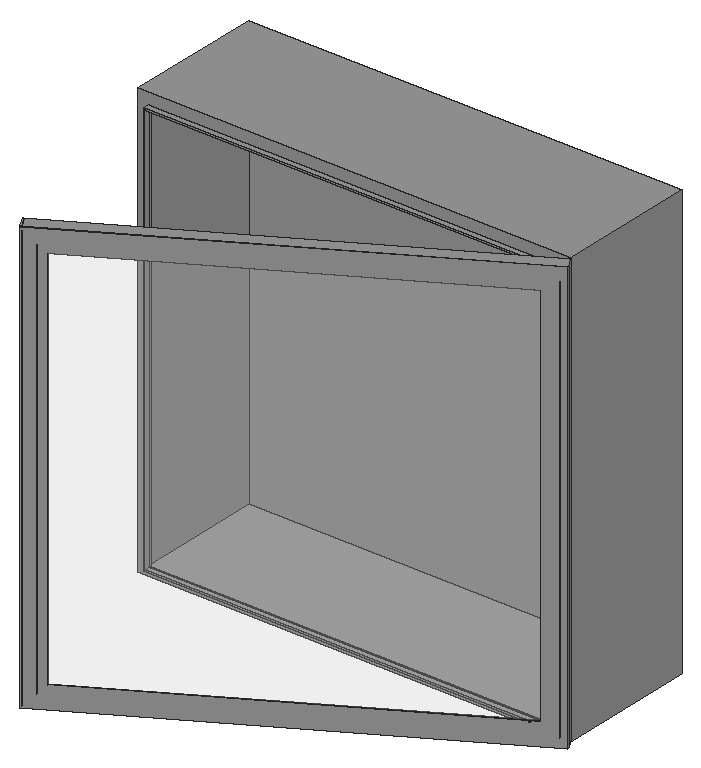
Revit family "Hager-Orion_Inox-IP66-D210-Cl.I-Inox_encl-630A-600mm-NoHosted-CH-de", category Electrical Equipment, Revit 2020
Family settings
  Panel Configuration = Two Columns, Circuits Across
  Round Connector Dimension = Use Diameter
  Part Type = Panelboard
  Work Plane-Based = Yes
  Always vertical = Yes
  Cut with Voids When Loaded = No
  Shared = No
  Room Calculation Point = No
Parameters (values of type "Aufputz IP66 B600 H600 T210  - FL028TWL")
  Width Control [instance] = if([EF000008 - Breite] > Min Width, [EF000008 - Breite], Min Width)  # 600 mm
  Type Comments = [HG000003 - Bereich]  # "Orion Inox"
  Thickness Door [instance] = if([EF009171 - Materialstärke Tür/Deckel] > 3 mm, 3 mm, [EF009171 - Materialstärke Tür/Deckel])  # 1.5 mm
  Seal Frame Offset [instance] = 17 mm  # constant formula
  Min Width [instance] = 100 mm  # constant formula
  Min Depth [instance] = (2 * [EF009170 - Materialstärke Gehäuse]) + 1 mm  # 4 mm
  Min Height [instance] = 100 mm  # constant formula
  Internal Frame Depth [instance] = -(Door System Depth * 0.5)  # -9 mm
  Panel Name [instance] = ""  # (empty or 0)
  Model = ""
  HG000027 - Sockelhöhe = 0 mm
  HG000026 - Stehend auf dem Boden = no
  HG000024 - Höhe des unteren Teils = 600 mm
  HG000023 - Gehäuse mit doppeltem Querschnitt = no
  HG000016 - 3D-Türsichtbarkeit [instance] = yes
  HG000015 - Sichtbarkeit der Türöffnung [instance] = no
  HG000014 - Tür rechts [instance] = yes
  HG000013 - Tür links [instance] = not([HG000014 - Tür rechts])  # no
  HG000012 - Türschwenkwinkel [instance] = 30.00°
  HG000010 - Asymmetrische Türen = no
  HG000009 - Doppelflügeligen Tür = no
  HG000006 - Unterputz = no
  HG000004 - Herstellerreferenz = "FL028TWL"
  HG000003 - Bereich = "Orion Inox"
  HG000002 - Mit tür = yes
  Frame Offset Bottom [instance] = 10 mm  # constant formula
  Frame Offset [instance] = 15 mm  # constant formula
  EF015940 - Deckel mit Überdruckentlastung = no
  EF011959 - Schutzart (NEMA) = ""
  EF009554 - Anzahl der Öffnungen für Flanschplatten = 0
  EF009212 - Ausführung Deckel = "EV000116 - geschlossen"
  EF009171 - Materialstärke Tür/Deckel = 1.5 mm
  EF009170 - Materialstärke Gehäuse = 1.5 mm
  EF008873 - Nennstrom (In) = 630 A
  EF007800 - Geeignet für Blitzschutz = no
  EF006306 - Mit Schloss = yes
  EF006244 - Transparenter Deckel/Tür = yes
  EF005474 - Schutzart (IP) = "EV006422 - IP66"
  EF004464 - Art der Tür = "EV002646 - Einzel"
  EF004427 - Anzahl der Module = 0
  EF004293 - Schlagfestigkeit = "EV006814 - IK08"
  EF003532 - Geeignet für Außengebrauch = yes
  EF002950 - Breite in Teilungseinheiten = 0
  EF001613 - Funktionserhalt = "EV000494 - ohne"
  EF001596 - Werkstoff des Gehäuses = "EV000166 - rostfreier Stahl"
  EF001131 - Innentiefe = 176 mm
  EF001088 - Anbaumöglichkeit = yes
  EF000437 - Anzahl der Leitungseinführungen = 0
  EF000339 - Art der Abdeckung = "EV004216 - Tür"
  EF000266 - Anzahl der Reihen = 0
  EF000218 - Einbautiefe = 0 mm
  EF000118 - Mit Montageplatte = no
  EF000116 - RAL-Nummer = ""
  EF000049 - Tiefe = 210 mm
  EF000040 - Höhe = 600 mm
  EF000008 - Breite = 600 mm
  EF000007 - Farbe = "EV000154 - sonstige"
  EF000003 - Montageart = "EV000384 - Aufputz"
  Door System Leaf Tolerance [instance] = 1.5 mm  # constant formula
  Door System Depth [instance] = 18 mm  # constant formula
  Description = ""
  Default Elevation = 1219.2 mm
  Connector Offset [instance] = Height Control / 2  # 300 mm
  Manufacturer = "Hager"  # constant formula
  Height Control [instance] = if([EF000040 - Höhe] > Min Height, [EF000040 - Höhe], Min Height)  # 600 mm
  Depth Control [instance] = if([EF000049 - Tiefe] > Min Depth, [EF000049 - Tiefe], Min Depth)  # 210 mm
Types (12, lengths in mm): name | Width Control | HG000004 - Herstellerreferenz | EF009212 - Ausführung Deckel | EF006306 - Mit Schloss | EF006244 - Transparenter Deckel/Tür | EF004293 - Schlagfestigkeit | EF001613 - Funktionserhalt | EF000008 - Breite
  Aufputz IP66 B400 H600 T210  - FL025BWL | 400 | "FL025BWL" | "EV009916 - mit Ausschnitt" | no | no | "EV008784 - IK10" | "" | 400
  Aufputz IP66 B400 H600 T210  - FL025TW | 400 | "FL025TW" | "EV000116 - geschlossen" | yes | yes | "EV006814 - IK08" | "EV000494 - ohne" | 400
  Aufputz IP66 B400 H600 T210  - FL025TWL | 400 | "FL025TWL" | "EV000116 - geschlossen" | yes | yes | "EV006814 - IK08" | "EV000494 - ohne" | 400
  Aufputz IP66 B500 H600 T210  - FL027BW | 500 | "FL027BW" | "EV000116 - geschlossen" | yes | no | "EV008784 - IK10" | "EV000494 - ohne" | 500
  Aufputz IP66 B500 H600 T210  - FL027BWL | 500 | "FL027BWL" | "EV000116 - geschlossen" | yes | no | "EV008784 - IK10" | "EV000494 - ohne" | 500
  Aufputz IP66 B500 H600 T210  - FL027TW | 500 | "FL027TW" | "EV000116 - geschlossen" | yes | yes | "EV006814 - IK08" | "EV000494 - ohne" | 500
  Aufputz IP66 B500 H600 T210  - FL027TWL | 500 | "FL027TWL" | "EV000116 - geschlossen" | yes | yes | "EV006814 - IK08" | "EV000494 - ohne" | 500
  Aufputz IP66 B600 H600 T210  - FL025BW | 600 | "FL025BW" | "EV009916 - mit Ausschnitt" | no | no | "EV008784 - IK10" | "" | 600
  Aufputz IP66 B600 H600 T210  - FL028BW | 600 | "FL028BW" | "EV000116 - geschlossen" | yes | no | "EV008784 - IK10" | "EV000494 - ohne" | 600
  Aufputz IP66 B600 H600 T210  - FL028BWL | 600 | "FL028BWL" | "EV000116 - geschlossen" | yes | no | "EV008784 - IK10" | "EV000494 - ohne" | 600
  Aufputz IP66 B600 H600 T210  - FL028TW | 600 | "FL028TW" | "EV000116 - geschlossen" | yes | yes | "EV006814 - IK08" | "EV000494 - ohne" | 600
  Aufputz IP66 B600 H600 T210  - FL028TWL | 600 | "FL028TWL" | "EV000116 - geschlossen" | yes | yes | "EV006814 - IK08" | "EV000494 - ohne" | 600
Reference planes
  plane 1 "Center (Front/Back)": y = 0
  plane 2: z = 0
  plane 3 "Center (Left/Right)": x = 0
  plane 4: y = 0
  plane 5: y = 0
  plane 6: z = 0
  plane 7: x = -300
  plane 8: x = 300
  plane 9: x = 298.5
  plane 10: x = -298.5
  plane 11: z = 0
  plane 12: z = 1.5
  plane 13: y = -210
  plane 14: y = -1.5
  plane 15: x = 0
  plane 16: y = -192
  plane 17: y = -208.5
  plane 18: y = -190.5
  plane 19: x = -283.5
  plane 20: x = 283.5
  plane 21: z = 11.5
  plane 22: x = -283
  plane 23: x = 283
  plane 24: z = 0
  plane 25: z = 600
  plane 26: z = 600
  plane 27: z = 583.5
  plane 28: z = 598.5
Forms (mm)
  Extrusion 1, solid, material "Hager_Stainless_Steel", detail levels medium+fine
    sketch origin (-208.679, -4572, 0) x (-1, 0, 0) y (0, -1, 0)
      loop
        line (91.321, -4380) -> (-508.679, -4380) -> (-508.679, -4572) -> (91.321, -4572) -> (91.321, -4380)
    from 0 to 600
  Extrusion 2, void
    sketch origin (-350.771, -210, 1219.2) x (1, 0, 0) y (0, 0, 1)
      loop
        line (52.271, -620.7) -> (52.271, -1217.7) -> (649.271, -1217.7) -> (649.271, -620.7) -> (52.271, -620.7)
    from -19.5 to -208.5
  Extrusion 3, void
    sketch origin (-290.084, -192, 1219.2) x (1, 0, 0) y (0, 0, 1)
      loop
        line (6.584, -1207.7) -> (573.584, -1207.7) -> (573.584, -635.7) -> (6.584, -635.7) -> (6.584, -1207.7)
    from 0 to -1.5
  Extrusion 4, solid, material "Hager_Stainless_Steel", detail levels fine
    sketch origin (-290.084, -192, 1219.2) x (-1, 0, 0) y (0, 0, 1)
      loop
        line (-573.584, -1207.7) -> (-6.584, -1207.7) -> (-6.584, -635.7) -> (-573.584, -635.7) -> (-573.584, -1207.7)
      loop
        line (-575.084, -1209.2) -> (-5.084, -1209.2) -> (-5.084, -634.2) -> (-575.084, -634.2) -> (-575.084, -1209.2)
    from 0 to -9 <- "Internal Frame Depth"
  Extrusion 5, solid, material "Hager_Stainless_Steel", detail levels coarse
    sketch origin (0, 0, 0) x (1, 0, 0) y (0, 1, 0)
      loop
        line (-300, 0) -> (-300, -210) -> (300, -210) -> (300, 0) -> (-300, 0)
    from 0 to 600 <- "Height Control"
Cuts and joins
  Extrusion 2, Extrusion 3 cuts Extrusion 1
Lines and regions (mm)
  Masking region 1
    outline origin (0, 0, 0) x (1, 0, 0) y (0, 1, 0)
      loop
        line (-300, 0) -> (-300, -210) -> (300, -210) -> (300, 0) -> (-300, 0)
  Masking region 2
    outline origin (-290.084, -192, 1219.2) x (-1, 0, 0) y (0, 0, 1)
      loop
        line (-590.084, -1219.2) -> (9.916, -1219.2) -> (9.916, -619.2) -> (-590.084, -619.2) -> (-590.084, -1219.2)
  Masking region 3, detail levels coarse
    outline origin (0, 0, 0) x (0, 1, 0) y (0, 0, 1)
      loop
        line (0, 0) -> (0, 600) -> (-210, 600) -> (-210, 0) -> (0, 0)
  Masking region 4, detail levels medium+fine
    outline origin (0, 0, 594.038) x (0, 1, 0) y (0, 0, 1)
      loop
        line (0, -594.038) -> (0, 5.962) -> (-192, 5.962) -> (-192, -594.038) -> (0, -594.038)
Dimensions and locks
  locked: plane 1 "Center (Front/Back)" to plane 5
  "EF009170 - Materialstärke Gehäuse": plane 7 to plane 10
  "EF009170 - Materialstärke Gehäuse": plane 8 to plane 9
  equal spacing: plane 7, plane 3 "Center (Left/Right)", plane 8
  "Width Control": plane 7 to plane 8
  "Depth Control": plane 4 to plane 13
  "EF009170 - Materialstärke Gehäuse": plane 4 to plane 14
  "Height Control": plane 25 to level
  "EF009170 - Materialstärke Gehäuse": plane 12 to plane 11
  "EF009170 - Materialstärke Gehäuse": plane 17 to plane 13
  "EF009170 - Materialstärke Gehäuse": plane 18 to plane 16
  "Frame Offset Bottom": plane 21 to plane 12
  "Frame Offset": plane 10 to plane 19
  "Frame Offset": plane 9 to plane 20
  "Door System Depth": plane 16 to plane 13
  "Seal Frame Offset": plane 7 to plane 22
  "Seal Frame Offset": plane 8 to plane 23
  "EF009170 - Materialstärke Gehäuse": plane 26 to plane 28
  "Frame Offset": plane 28 to plane 27
  "Connector Offset": plane 2 to connector elem
  "Thickness Door": cut or joined group of Extrusion 1, Extrusion 2, Extrusion 3 to Extrusion 4 sketch curve
  "Thickness Door": Extrusion 4 sketch curve to plane 19
  "Thickness Door": Extrusion 4 sketch curve to plane 20
  "Thickness Door": Extrusion 4 sketch curve to plane 27
  aligned and locked: Extrusion 2 sketch curve to plane 12
  aligned and locked: Extrusion 2 sketch curve to plane 9
  aligned and locked: Extrusion 2 sketch curve to plane 10
  aligned and locked: plane 14 to Extrusion 2
  aligned and locked: plane 4 to Extrusion 1 sketch curve
  aligned and locked: plane 8 to Extrusion 1 sketch curve
  aligned and locked: plane 7 to Extrusion 1 sketch curve
  aligned and locked: Extrusion 2 to plane 18
  aligned and locked: Extrusion 3 sketch curve to plane 19
  aligned and locked: plane 20 to Extrusion 3 sketch curve
  aligned and locked: Extrusion 3 to Extrusion 2
  aligned and locked: Extrusion 3 sketch curve to plane 21
  aligned and locked: plane 3 "Center (Left/Right)" to nested 1
  aligned and locked: Extrusion 1 sketch curve to plane 16
  aligned and locked: Masking region 1 sketch curve to plane 7
  aligned and locked: Masking region 1 sketch curve to plane 5
  aligned and locked: Masking region 1 sketch curve to plane 8
  aligned and locked: Masking region 2 sketch curve to level
  aligned and locked: level to Masking region 3 sketch curve
  aligned and locked: plane 1 "Center (Front/Back)" to Masking region 3 sketch curve
  aligned and locked: plane 13 to Masking region 3 sketch curve
  aligned and locked: Masking region 2 sketch curve to plane 8
  aligned and locked: Masking region 2 sketch curve to plane 7
  aligned and locked: plane 7 to nested 2
  aligned and locked: nested 2 to plane 5
  aligned and locked: plane 5 to Masking region 4 sketch curve
  aligned and locked: plane 26 to Masking region 4 sketch curve
  aligned and locked: Extrusion 5 sketch curve to plane 8
  aligned and locked: Extrusion 5 sketch curve to plane 7
  aligned and locked: Extrusion 5 sketch curve to plane 5
  aligned and locked: Extrusion 3 sketch curve to plane 27
  aligned and locked: Extrusion 2 sketch curve to plane 28
  aligned and locked: Extrusion 4 sketch curve to plane 27
  aligned and locked: Extrusion 4 sketch curve to plane 20
  aligned and locked: Extrusion 4 sketch curve to plane 21
  aligned and locked: Extrusion 4 sketch curve to plane 19
  aligned and locked: Masking region 2 to plane 25
  aligned and locked: Masking region 4 sketch curve to plane 24
  aligned and locked: Masking region 1 to plane 13
  aligned and locked: nested 1 to plane 16
  aligned and locked: Masking region 3 to plane 25
  aligned and locked: Masking region 4 sketch curve to plane 16
  aligned and locked: plane 24 to plane 11
  aligned and locked: plane 26 to plane 25
  aligned and locked: level to plane 24
  aligned and locked: Extrusion 1 to Masking region 3
  aligned and locked: level to nested 1
Automatic sketch dimensions
  Extrusion 5 sketch curve to plane 13 = 0 mm
  plane 27 to Masking region 2 sketch curve = 16.5 mm
  plane 27 to Masking region 3 sketch curve = 16.5 mm
  Masking region 1 sketch curve to plane 13 = 0 mm
  Extrusion 3 sketch curve to plane 21 = 0 mm
  plane 19 to Extrusion 3 sketch curve = 0 mm
  Extrusion 3 sketch curve to plane 20 = 0 mm
Nested families
  nested 1: "EC000058_OrionInox_Door" at (0, -192, 0), Double <- "HG000009 - Doppelflügeligen Tür", Transparent <- "EF006244 - Transparenter Deckel/Tür", Angle <- "HG000012 - Türschwenkwinkel", Door_Right <- "HG000014 - Tür rechts", Assymetrical <- "HG000010 - Asymmetrische Türen", Door <- "HG000002 - Mit tür", Width_Ctrl <- "Width Control", 3d_Door <- "HG000016 - 3D-Türsichtbarkeit", Clearance <- "HG000015 - Sichtbarkeit der Türöffnung", Door_Left <- "HG000013 - Tür links", Width <- "Width Control", Door_Depth <- "Door System Depth", Leaf_Tolerance <- "Door System Leaf Tolerance", Height <- "Height Control", Thickness <- "Thickness Door", type "EC000058_OrionInox_Door", detail levels medium+fine
    with min_wh 4 mm, Width_Ctrl 600 mm, Width 600 mm, Transparent yes, Thickness 1.5 mm, Seal_Material Hager_Rubber, Leaf_Width 600 mm, Leaf_Tolerance_External_Sides 0 mm, Leaf_Tolerance 1.5 mm, Leaf_Offset 0 mm, Leaf_Height 597 mm, Leaf_2_Width 600 mm, Leaf_2_Offset 300 mm, Leaf_1_Width 600 mm, Leaf_1_Offset 300 mm, Height_Ctrl 600 mm, Height 600 mm, Glass_Material Hager_Glass, Double_Clearance_Ctrl no, Double no, Door_Right_Ctrl yes, Door_Right yes, Door_Material Hager_Stainless_Steel, Door_Left_Ctrl no, Door_Left no, Door_Depth 18 mm, Door yes, Clearance_Material Hager_Clearance, Clearance_Depth 600 mm, Clearance_Ctrl no, Clearance no, Assymetrical no, Angle 30.00°, 3d_Door yes
  nested 2: "Hager_Enclosure_Symbol" at (-300, 0, 0), Height <- "Depth Control", Width <- "Width Control", type "Hager_Enclosure_Symbol"
    with Width_Ctrl 600 mm, Width 600 mm, Height_Ctrl 210 mm, Height 210 mm, A_Width_Int 13.781 mm, A_Width 165.375 mm, A_Height_Ctrl 183.75 mm, A_Height 183.75 mm
Connectors
  electrical at (0, 0, 300)
    settings: on plane 1 "Center (Front/Back)", index 1, voltage 0 V, apparent load 0 VA, apparent load phase1 0 VA, apparent load phase2 0 VA, apparent load phase3 0 VA, power factor 1, load classification "Other", number of poles 1, system type 30, power factor state 1, is connector primary yes, connector utility no, sub classification motor no, connector description ""
Definition of nested family "EC000058_OrionInox_Door"
  Parameters (values of type "EC000058_OrionInox_Door")
    min_wh [instance] = (2 * Thickness) + 1 mm  # 11 mm
    Width_Ctrl [instance] = 400 mm
    Width [instance] = 500 mm
    Transparent [instance] = yes
    Thickness [instance] = 5 mm
    Seal_Material [instance] = none
    Leaf_Width [instance] = if((Width_Ctrl - 2 * Leaf_Tolerance_External_Sides) > 0 mm, (Width_Ctrl - 2 * Leaf_Tolerance_External_Sides), min_wh)  # 400 mm
    Leaf_Tolerance_External_Sides [instance] = 0 mm  # constant formula
    Leaf_Tolerance [instance] = 1.5 mm
    Leaf_Offset [instance] = 0 mm  # constant formula
    Leaf_Height [instance] = if((Height_Ctrl - 2 * Leaf_Tolerance) > 0 mm, (Height_Ctrl - 2 * Leaf_Tolerance), min_wh)  # 497 mm
    Leaf_2_Width [instance] = if(and(and(Double, Assymetrical), Door_Left), (Leaf_Width / 3) - (Leaf_Tolerance / 2), if(and(and(Double, Assymetrical), Door_Right), (Leaf_Width / 3) * 2 - (Leaf_Tolerance / 2), if(and(Double, not(Assymetrical)), (Leaf_Width / 2) - Leaf_Tolerance, Leaf_Width)))  # 400 mm
    Leaf_2_Offset [instance] = if(and(Double, Assymetrical), Leaf_2_Width / 2, if(and(Double, not(Assymetrical)), Leaf_Width / 4, Leaf_Width / 2))  # 200 mm
    Leaf_1_Width [instance] = if(and(and(Double, Assymetrical), Door_Right), (Leaf_Width / 3) - (Leaf_Tolerance / 2), if(and(and(Double, Assymetrical), Door_Left), (Width / 3) * 2 - (Leaf_Tolerance / 2), if(and(Double, not(Assymetrical)), (Leaf_Width / 2) - Leaf_Tolerance, Leaf_Width)))  # 400 mm
    Leaf_1_Offset [instance] = if(and(Double, Assymetrical), Leaf_1_Width / 2, if(and(Double, not(Assymetrical)), Leaf_Width / 4, Leaf_Width / 2))  # 200 mm
    Height_Ctrl [instance] = if(Height > min_wh, Height, min_wh)  # 500 mm
    Height [instance] = 500 mm
    Glass_Material [instance] = none
    Double_Clearance_Ctrl [instance] = and(Double, Clearance)  # no
    Double [instance] = no
    Door_Right_Ctrl [instance] = and(or(Door_Right, Double), Door)  # yes
    Door_Right [instance] = yes
    Door_Material [instance] = none
    Door_Left_Ctrl [instance] = and(or(Door_Left, Double), Door)  # no
    Door_Left [instance] = no
    Door_Depth [instance] = 30 mm
    Door [instance] = yes
    Default Elevation = 1219.2 mm
    Clearance_Material [instance] = none
    Clearance_Depth [instance] = if(Leaf_1_Width > Leaf_2_Width, Leaf_1_Width, Leaf_2_Width)  # 400 mm
    Clearance_Ctrl [instance] = and(not(Double), Clearance)  # yes
    Clearance [instance] = yes
    Assymetrical [instance] = yes
    Angle [instance] = 30.00°
    3d_Door [instance] = yes
  Reference planes
    plane 1 "Center (Front/Back)": y = 0
    plane 2 "Bottom": z = 0
    plane 3 "Center (Left/Right)": x = 0
    plane 4: z = 500
    plane 5: x = -200
    plane 6: x = 200
    plane 7: z = 500
    plane 8: x = -200
    plane 9: z = 0
    plane 10: x = 200
    plane 11: y = 0
    plane 12: z = 1.5
    plane 13: x = -600
    plane 14: y = -400
    plane 15: x = 600
    plane 16: x = 0
    plane 17: x = 0
    plane 18: x = -200
    plane 19: x = 200
    plane 20: z = 498.5
  Forms (mm)
    Extrusion 1, solid, material <- "Clearance_Material", visible <- "Double_Clearance_Ctrl"
      sketch origin (1200, 0, 0) x (1, 0, 0) y (0, 0, -1)
        loop
          line (-1800, -498.5) -> (-600, -498.5) -> (-600, 0) -> (-1800, 0) -> (-1800, -498.5)
      from 0 to -400
  Dimensions and locks
    equal spacing: plane 5, plane 3 "Center (Left/Right)", plane 6
    "Width_Ctrl": plane 5 to plane 6
    "Leaf_Offset": plane 5 to plane 8
    "Leaf_Offset": plane 6 to plane 10
    "Leaf_Offset": plane 9 to level
    "Leaf_Offset": plane 4 to plane 7
    "Height_Ctrl": plane 4 to level
    "Leaf_Tolerance": plane 12 to plane 9
    locked: plane 11 to plane 1 "Center (Front/Back)"
    "Leaf_1_Offset": plane 18 to plane 16
    "Leaf_2_Offset": plane 17 to plane 19
    "Leaf_1_Width": plane 13 to plane 8
    "Leaf_2_Width": plane 10 to plane 15
    "Clearance_Depth": plane 14 to plane 1 "Center (Front/Back)"
    "Leaf_Tolerance_External_Sides": plane 8 to plane 18
    "Leaf_Tolerance_External_Sides": plane 19 to plane 10
    "Leaf_Tolerance": plane 7 to plane 20
    aligned and locked: level to plane 2 "Bottom"
    aligned and locked: nested 1 to plane 16
    aligned and locked: nested 2 to plane 17
    aligned and locked: Extrusion 1 to plane 13
    aligned and locked: plane 15 to Extrusion 1
    aligned and locked: Extrusion 1 to plane 14
    aligned and locked: plane 12 to nested 1
    aligned and locked: nested 2 to plane 12
    aligned and locked: Extrusion 1 to plane 11
    aligned and locked: plane 20 to Extrusion 1
    aligned and locked: nested 2 to plane 11
    aligned and locked: nested 1 to plane 11
  Automatic sketch dimensions
    Extrusion 1 sketch curve to level = 0 mm
    plane 5 to Extrusion 1 sketch curve = 400 mm
    plane 6 to Extrusion 1 sketch curve = 400 mm
    Extrusion 1 sketch curve to plane 4 = 1.5 mm
  Nested families
    nested 1: "EC000058_OrionInox_Door_Leaf" at (0, 0, 1.5), Width <- "Leaf_1_Width", visible <- "Door_Left_Ctrl", Leaf_Height <- "Leaf_Height", Angle <- "Angle", 3d_Door <- "3d_Door", Transparent <- "Transparent", Clearance Material <- "Clearance_Material", Clearance <- "Clearance_Ctrl", Door_Material <- "Door_Material", Glass_Material <- "Glass_Material", Door_Depth <- "Door_Depth", Seal_Material <- "Seal_Material", Thickness <- "Thickness", type "EC000058_OrionInox_Door_Leaf"
      with Width 400 mm, Transparent_Ctrl yes, Transparent yes, Thickness 5 mm, Standard no, Seal_Material none, Seal_D2 8 mm, Seal_D1 1 mm, Offset_Internal_Frame 10 mm, Lock_Width 28 mm, Lock_Thickness 2 mm, Lock_Radius 6 mm, Leaf_Height 497 mm, Internal_Seal_Thickness 8 mm, Internal_Seal_Depth_2 4.5 mm, Internal_Frame_Depth 25 mm, Glass_Thickness -1 mm, Glass_Offset -2 mm, Glass_Material none, Door_Material none, Door_Depth 30 mm, Clearance Material none, Clearance yes, Angle_Ctrl 30.00°, Angle 30.00°, 3d_Door yes
    nested 2: "EC000058_OrionInox_Door_Leaf" at (0, 0, 1.5) x (-1, 0, 0) z (0, 0, 1), Width <- "Leaf_2_Width", visible <- "Door_Right_Ctrl", Leaf_Height <- "Leaf_Height", Angle <- "Angle", 3d_Door <- "3d_Door", Transparent <- "Transparent", Clearance Material <- "Clearance_Material", Clearance <- "Clearance_Ctrl", Door_Material <- "Door_Material", Glass_Material <- "Glass_Material", Door_Depth <- "Door_Depth", Seal_Material <- "Seal_Material", Thickness <- "Thickness", type "EC000058_OrionInox_Door_Leaf"
      with Width 400 mm, Transparent_Ctrl yes, Transparent yes, Thickness 5 mm, Standard no, Seal_Material none, Seal_D2 8 mm, Seal_D1 1 mm, Offset_Internal_Frame 10 mm, Lock_Width 28 mm, Lock_Thickness 2 mm, Lock_Radius 6 mm, Leaf_Height 497 mm, Internal_Seal_Thickness 8 mm, Internal_Seal_Depth_2 4.5 mm, Internal_Frame_Depth 25 mm, Glass_Thickness -1 mm, Glass_Offset -2 mm, Glass_Material none, Door_Material none, Door_Depth 30 mm, Clearance Material none, Clearance yes, Angle_Ctrl 30.00°, Angle 30.00°, 3d_Door yes
  Definition of nested family "EC000058_OrionInox_Door_Leaf"
    Parameters (values of type "EC000058_OrionInox_Door_Leaf")
      Width [instance] = 450 mm
      Transparent_Ctrl [instance] = and(Transparent, [3d_Door])  # yes
      Transparent [instance] = yes
      Thickness [instance] = 5 mm
      Standard [instance] = and(not(Transparent), [3d_Door])  # no
      Seal_Material [instance] = none
      Seal_D2 [instance] = 8 mm  # constant formula
      Seal_D1 [instance] = 1 mm  # constant formula
      Offset_Internal_Frame [instance] = 10 mm  # constant formula
      Lock_Width [instance] = Door_Depth - Lock_Thickness  # 28 mm
      Lock_Thickness [instance] = 2 mm  # constant formula
      Lock_Radius [instance] = 6 mm  # constant formula
      Leaf_Height [instance] = 450 mm
      Internal_Seal_Thickness [instance] = 8 mm  # constant formula
      Internal_Seal_Depth_2 [instance] = 4.5 mm  # constant formula
      Internal_Frame_Depth [instance] = if(Door_Depth - Thickness > 5 mm, Door_Depth - Thickness, 5 mm)  # 25 mm
      Glass_Thickness [instance] = if(Thickness > 15 mm, Glass_Offset + 10 mm, -1 mm)  # -1 mm
      Glass_Offset [instance] = if(Thickness > 15 mm, -(Thickness + 10 mm) / 2, -2 mm)  # -2 mm
      Glass_Material [instance] = none
      Door_Material [instance] = none
      Door_Depth [instance] = 30 mm
      Default Elevation = 0 mm
      Clearance Material [instance] = none
      Clearance [instance] = yes
      Angle_Ctrl [instance] = if(Angle > 180.00°, 180.00°, Angle)  # 90.00°
      Angle [instance] = 90.00°
      3d_Door [instance] = yes
    Reference planes
      plane 1 "Center (Front/Back)": y = 0
      plane 2: z = 0
      plane 3 "Center (Left/Right)": x = 0
      plane 4: y = 450
      plane 5: x = -225
      plane 6: x = 225
      plane 7: x = -675
      plane 8: z = 450
      plane 9: z = 30
      plane 10: z = 420
      plane 11: x = 195
      plane 12: x = -195
      plane 13: y = -3
      plane 14: z = 107.833
      plane 15: y = -5
      plane 16: y = -223.314
      plane 17: x = -225
      plane 18: y = 30
    Forms (mm)
      Extrusion 1, solid, material <- "Clearance Material", visible <- "Clearance"
        sketch origin (0, 0, 0) x (1, 0, 0) y (0, 0, 1)
          loop
            line (-675, 450) -> (-675, 0) -> (225, 0) -> (225, 450) -> (-675, 450)
        from 0 to -450
      Extrusion 2, solid, material <- "Door_Material", visible <- "Standard", detail levels medium+fine
        sketch origin (-225, 0, 0) x (0, 1, 0) y (-1, 0, 0)
          loop
            line (0, 30) -> (0, 25) -> (450, 25) -> (450, 30) -> (0, 30)
        from 0 to 450 <- "Leaf_Height"
      Extrusion 3, solid, material <- "Door_Material", visible <- "Transparent_Ctrl", detail levels medium+fine
        sketch origin (-225, 0, 0) x (0, 1, 0) y (-1, 0, 0)
          loop
            line (0, 25) -> (450, 25) -> (450, 30) -> (0, 30) -> (0, 25)
        from 0 to 450 <- "Leaf_Height"
      Extrusion 4, void
        sketch origin (-250, 450, 0) x (0, 1, 0) y (0, 0, -1)
          loop
            line (-30, -420) -> (-30, -30) -> (-420, -30) -> (-420, -420) -> (-30, -420)
        from 0 to 5 <- "Thickness"
      Sweep 5, solid, material <- "Seal_Material", visible <- "Transparent_Ctrl", detail levels fine
        path in 3D
          loop
            line (-250, 30, 30) -> (-250, 30, 420) -> (-250, 420, 420) -> (-250, 420, 30) -> (-250, 30, 30)
        profile origin (-250, 225, 30) x (1, 0, 0) y (0, 0, 1)
          loop
            line (0, 0) -> (0, -8) -> (1, -8) -> (1, 0) -> (0, 0)
      Extrusion 6, solid, material <- "Glass_Material", visible <- "Transparent_Ctrl", detail levels medium+fine
        sketch origin (-255, 0, 0) x (0, 1, 0) y (0, 0, -1)
          loop
            line (420, -420) -> (420, -30) -> (30, -30) -> (30, -420) -> (420, -420)
        from -2 <- "Glass_Offset" to -1 <- "Glass_Thickness"
      Extrusion 7, solid, material <- "Door_Material", visible <- "3d_Door", detail levels medium+fine
        sketch origin (-250, 450, 0) x (0, -1, 0) y (0, 0, -1)
          loop
            line (0, -450) -> (450, -450) -> (450, 0) -> (0, 0) -> (0, -450)
          loop
            line (445, -5) -> (5, -5) -> (5, -445) -> (445, -445) -> (445, -5)
        from 0 to 25 <- "Internal_Frame_Depth"
      Sweep 8, solid, material <- "Seal_Material", visible <- "Transparent_Ctrl", detail levels fine
        path in 3D
          loop
            line (-250, 0, 0) -> (-250, 450, 0) -> (-250, 450, 450) -> (-250, 0, 450) -> (-250, 0, 0)
        profile origin (-250, 0, 225) x (1, 0, 0) y (0, 1, 0)
          loop
            line (0, 10) -> (2.975, 10)
            arc (2.975, 10) -> (4.053, 10.447) -> (4.5, 11.525) r 1.525
            line (4.5, 11.525) -> (4.5, 16.527)
            arc (4.5, 16.527) -> (4.069, 17.569) -> (3.027, 18) r 1.473
            line (3.027, 18) -> (0, 18) -> (0, 10)
    Cuts and joins
      Extrusion 4 cuts Extrusion 3
    Lines and regions (mm)
      Masking region 1, detail levels medium+fine
        outline origin (0, 0, 0) x (0, 1, 0) y (0, 0, 1)
          loop
            line (0, 0) -> (30, 0) -> (30, 450) -> (0, 450) -> (0, 0)
      Masking region 2, detail levels medium+fine
        outline origin (0, 0, 0) x (1, 0, 0) y (0, 0, 1)
          loop
            line (-225, 450) -> (-225, 0) -> (225, 0) -> (225, 450) -> (-225, 450)
      symbolic lines
        curve 1: line (225, 0, 0) -> (-675, 0, 0)
        curve 2: arc (225, 0, 0) -> (-225, 450, 0) -> (-675, 0, 0) r 450
        curve 4: line (-255, 0, 0) -> (-255, 450, 0)
      reference lines
        curve 3: line (-225, 0, 0) -> (-225, 450, 0)
      symbolic lines, detail levels medium+fine
        curve 5: line (-255, 450, 0) -> (-250, 450, 0)
        curve 7: line (-250, 0, 0) -> (-255, 0, 0)
        curve 8: line (-250, 0, 0) -> (-225, 0, 0)
        curve 9: line (-225, 0, 0) -> (-225, 450, 0)
        curve 10: line (-225, 450, 0) -> (-250, 450, 0)
      symbolic lines, detail levels fine
        curve 6: line (-250, 450, 0) -> (-250, 0, 0)
      sketch lines
        curve 11: line (-250, 0, 450) -> (-250, 0, 0)
        curve 12: line (-250, 450, 0) -> (-250, 0, 0)
        curve 13: line (-250, 450, 450) -> (-250, 450, 0)
        curve 14: line (-250, 0, 450) -> (-250, 450, 450)
        curve 15: line (-250, 420, 30) -> (-250, 30, 30)
        curve 16: line (-250, 30, 30) -> (-250, 30, 420)
        curve 17: line (-250, 420, 420) -> (-250, 420, 30)
        curve 18: line (-250, 30, 420) -> (-250, 420, 420)
      symbolic lines, visible <- "Transparent", detail levels medium+fine
        curve 19: line (-195, 0, 420) -> (195, 0, 420)
        curve 20: line (-195, 0, 30) -> (-195, 0, 420)
        curve 21: line (195, 0, 30) -> (-195, 0, 30)
        curve 22: line (195, 0, 420) -> (195, 0, 30)
    Dimensions and locks
      "Width": plane 1 "Center (Front/Back)" to plane 4
      equal spacing: plane 5, plane 3 "Center (Left/Right)", plane 6
      "Width": plane 5 to plane 6
      "Width": plane 7 to plane 5
      "Leaf_Height": plane 8 to level
      "Width": curve 5 to curve 3
      "Width": curve 3 to curve 3
      plane 8 to plane 10 = 30 mm
      plane 9 to level = 30 mm
      plane 12 to plane 5 = 30 mm
      plane 6 to plane 11 = 30 mm
      Extrusion 4 sketch curve to Extrusion 3 = 30 mm
      Extrusion 3 to Extrusion 4 sketch curve = 30 mm
      Extrusion 1 to Extrusion 4 sketch curve = 30 mm
      curve 3 to Extrusion 4 sketch curve = 30 mm
      Extrusion 4 sketch curve to cut or joined group of Extrusion 3, Extrusion 4 = 30 mm
      cut or joined group of Extrusion 3, Extrusion 4 to Extrusion 6 sketch curve = 30 mm
      cut or joined group of Extrusion 3, Extrusion 4 to Extrusion 4 sketch curve = 30 mm
      "Thickness": curve 6 to curve 4
      "Thickness": Extrusion 7 sketch curve to Extrusion 7 sketch curve  (x4)
      "Door_Depth": curve 4 to curve 3
      "Offset_Internal_Frame": profile plane to Sweep 8 sketch curve
      "Internal_Seal_Thickness": Sweep 8 sketch curve to Sweep 8 sketch curve
      "Internal_Seal_Depth_2": profile plane to Sweep 8 sketch curve
      "Seal_D1": profile plane to Sweep 5 sketch curve
      "Seal_D2": profile plane to Sweep 5 sketch curve
      "Thickness": Extrusion 2 sketch curve to Extrusion 2 sketch curve
      "Door_Depth": plane 18 to plane 1 "Center (Front/Back)"
      radius of Sweep 8 sketch curve = 1.525 mm
      radius of Sweep 8 sketch curve = 1.473 mm
      "Angle_Ctrl": angle plane 1 "Center (Front/Back)" to curve 3
      aligned and locked: level to plane 2
      aligned and locked: Extrusion 1 to curve 1
      aligned and locked: plane 6 to Extrusion 1
      aligned and locked: plane 1 "Center (Front/Back)" to Extrusion 1
      aligned and locked: plane 4 to Extrusion 1
      aligned and locked: plane 8 to Extrusion 1
      aligned and locked: curve 7 to Extrusion 2 sketch curve
      aligned and locked: curve 5 to Extrusion 2 sketch curve
      aligned and locked: curve 7 to Extrusion 3 sketch curve
      aligned and locked: Extrusion 3 sketch curve to curve 4
      aligned and locked: Extrusion 3 sketch curve to curve 6
      aligned and locked: Extrusion 3 sketch curve to curve 5
      aligned and locked: curve 9 to curve 3
      aligned and locked: Extrusion 7 sketch curve to cut or joined group of Extrusion 3, Extrusion 4  (x4)
      aligned and locked: plane 17 to curve 3
      aligned and locked: plane 1 "Center (Front/Back)" to curve 3
      aligned and locked: plane 17 to plane 5
      aligned and locked: Sweep 8 sketch curve to profile plane
      aligned and locked: Sweep 5 sketch curve to profile plane  (x2)
      aligned and locked: plane 1 "Center (Front/Back)" to Masking region 1 sketch curve
      aligned and locked: plane 18 to Masking region 1 sketch curve
      aligned and locked: level to Masking region 1 sketch curve
      aligned and locked: Masking region 1 sketch curve to plane 8
      aligned and locked: plane 17 to Masking region 2 sketch curve
      aligned and locked: level to Masking region 2 sketch curve
      aligned and locked: Masking region 2 sketch curve to plane 8
      aligned and locked: plane 12 to curve 20
      aligned and locked: plane 10 to curve 19
      aligned and locked: plane 11 to curve 22
      aligned and locked: plane 9 to curve 21
      aligned and locked: Extrusion 2 sketch curve to cut or joined group of Extrusion 3, Extrusion 4
    Automatic sketch dimensions
      plane 1 "Center (Front/Back)" to curve 2 = 0 mm
      curve 2 to plane 5 = 0 mm
      Extrusion 1 sketch curve to level = 0 mm
      Extrusion 1 sketch curve to plane 7 = 0 mm
      Extrusion 1 sketch curve to plane 6 = 0 mm
      Extrusion 1 sketch curve to plane 8 = 0 mm
      Extrusion 3 to Extrusion 6 sketch curve = 30 mm  (x4)
      Masking region 2 sketch curve to plane 6 = 0 mm
      curve 4 to curve 3 = 0 mm
Definition of nested family "Hager_Enclosure_Symbol"
  Parameters (values of type "Hager_Enclosure_Symbol")
    Width_Ctrl [instance] = if(Width > 1 mm, Width, 1 mm)  # 102.27 mm
    Width [instance] = 102.27 mm
    Height_Ctrl [instance] = if(Height > 1 mm, Height, 1 mm)  # 66.5 mm
    A_Width_Int [instance] = if(A_Width / 12 > 2 mm, A_Width / 12, 2 mm)  # 4.364 mm
    A_Width [instance] = if(A_Height_Ctrl * 0.9 > 2 mm, A_Height_Ctrl * 0.9, 2 mm)  # 52.369 mm
    A_Height_Ctrl [instance] = if(A_Height > 2 mm, A_Height, 2 mm)  # 58.188 mm
    Height [instance] = 66.5 mm
    A_Height [instance] = Height - (Height / 8)  # 58.188 mm
  Reference planes
    plane 1 "Centre (avant/arrière)": y = 0
    plane 2: z = 0
    plane 3 "Centre (gauche/droite)": x = 0
    plane 4: x = 52.369
    plane 5: y = 33.042
    plane 6: y = 41.77
    plane 7: y = 66.5
    plane 8: x = 26.184
    plane 9: y = 37.406
    plane 10: x = 102.27
    plane 11: y = 66.5
    plane 12: y = 8.313
  Lines and regions (mm)
    Filled region 1, type "Solid_Black", in view "Niveau de réf."
      outline origin (0, 0, 0) x (1, 0, 0) y (0, 1, 0)
        loop
          line (52.369, 66.5) -> (33.188, 54.536) -> (45.365, 45.006) -> (52.369, 66.5)
    Filled region 2, type "Solid_Black", in view "Niveau de réf."
      outline origin (0, 0, 0) x (1, 0, 0) y (0, 1, 0)
        loop
          line (0, 0) -> (102.27, 0) -> (102.27, 66.5) -> (0, 0)
    detail lines, in view "Niveau de réf."
      curve 1: line (0, 8.313, 0) -> (26.184, 41.77, 0)
      curve 2: line (26.184, 41.77, 0) -> (26.184, 33.042, 0)
      curve 3: line (26.184, 33.042, 0) -> (52.369, 66.5, 0)
  Dimensions and locks
    "A_Width": plane 3 "Centre (gauche/droite)" to plane 4
    equal spacing: plane 3 "Centre (gauche/droite)", plane 8, plane 4
    equal spacing: plane 6, plane 9, plane 5
    equal spacing: curve 3, Filled region 1 sketch curve, Filled region 1 sketch curve
    "Height_Ctrl": plane 1 "Centre (avant/arrière)" to plane 11
    "A_Height_Ctrl": plane 11 to plane 12
    equal spacing: plane 11, plane 9, plane 12
    "A_Width_Int": plane 6 to plane 9
    "Width_Ctrl": plane 3 "Centre (gauche/droite)" to plane 10
    angle Filled region 1 sketch curve to curve 3 = 20.00°
    angle curve 3 to Filled region 1 sketch curve = 20.00°
    locked: curve 3 to Filled region 1 sketch curve (angle 90.00°)
    aligned and locked: plane 10 to Filled region 2
    aligned and locked: plane 11 to Filled region 2 sketch curve
    aligned and locked: plane 10 to Filled region 2 sketch curve
    aligned and locked: plane 3 "Centre (gauche/droite)" to curve 1
    aligned and locked: plane 12 to curve 1
    aligned and locked: plane 7 to plane 11
  Automatic sketch dimensions
    Filled region 1 sketch curve to plane 4 = 0 mm
    Filled region 1 sketch curve to plane 7 = 0 mm
    plane 1 "Centre (avant/arrière)" to Filled region 2 sketch curve = 0 mm
    Filled region 2 sketch curve to plane 3 "Centre (gauche/droite)" = 0 mm
    curve 2 to plane 6 = 0 mm
    curve 2 to plane 8 = 0 mm
    curve 3 to plane 4 = 0 mm
    curve 2 to plane 5 = 0 mm
    curve 3 to plane 7 = 0 mm
